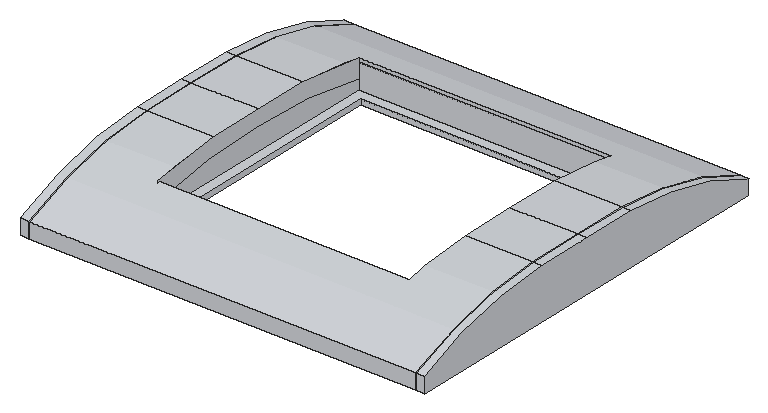
Revit family "Gira_0211766", category Electrical Fixtures, host Face, Revit 2017
Family settings
  Host = Face
  Maintain Annotation Orientation = No
  Round Connector Dimension = Use Diameter
  Part Type = Normal
  Cut with Voids When Loaded = No
  Shared = No
  Room Calculation Point = No
Parameters (values of type "Abdeckrahmen 1f Zwischenr. F Alu Gira Event Klar Braun")
  Werkstoffgüte = "Thermoplast"
  Werkstoff = "Kunststoff"
  URL = "http://katalog.gira.de/de_DE/datenblatt.html?artikelnr=0211766"
  Transparent = "No"
  Textfeld/Beschriftungsfläche = "No"
  Schutzart (IP) = "IP20"
  Region = "DE"
  Oberfläche = "sonstige"
  Name = "Abdeckrahmen 1f Zwischenr. F Alu Gira Event Klar Braun"
  Montagerichtung = "horizontal und vertikal"
  Mit Montagerahmen = "No"
  Mit Klappdeckel = "No"
  Manufacturer URL = "https://www.gira.de/"
  Keynote = "Event_Rahmen_1fach"
  HeinzeBIM = "https://bimportal.heinze.de/bim/abdeckrahmen-1f-zwischenr-f-alu-gira-event-klar-braun/0da127c1c156799cff925c4a880ad3aeac5c7916"
  Halogenfrei = "Yes"
  HAN = "0211766"
  Geeignet für Unterputz-Installation = "Yes"
  Geeignet für Unterflurkanaldose = "No"
  Geeignet für Geräteeinbaukanal = "No"
  Geeignet für Einbauinstallation = "No"
  GTIN = "4010337069393"
  Farbe = "braun"
  Default Elevation = 1219.2 mm
  Data sheet (1) = "https://katalog.gira.de/de_DE/download.html?artikelnr=0211766"
  Category = "Abdeckrahmen"
  Befestigungsart = "Klemmbefestigung"
  Available = "Yes"
  Ausführung der Oberfläche = "glänzend"
  Anzahl der Einheiten vertikal = "1 "
  Anzahl der Einheiten horizontal = "1 "
  Anzahl der Einheiten = "1 "
Reference planes
  plane 1 "Center (Front/Back)": y = 0
  plane 2: z = 0
  plane 3 "Center (Left/Right)": x = 0
Forms (mm)
  Extrusion 1, solid, detail levels fine
    sketch origin (0, 0, 1.55) x (0, 1, 0) y (0, 0, 1)
      loop
        arc (12.445, 9.683) -> (6.223, 9.833) -> (0, 9.85) r 291.636
        arc (0, 9.85) -> (-6.223, 9.833) -> (-12.445, 9.683) r 291.636
        arc (-12.445, 9.683) -> (-29.14, 7.482) -> (-45, 1.823) r 79.728
        line (-45, 1.823) -> (-45, -1.55) -> (-41.777, -1.55) -> (-41.777, -0.55)
        arc (-41.777, -0.55) -> (-21.205, 4.846) -> (0, 6.467) r 118.15
        arc (0, 6.467) -> (21.205, 4.846) -> (41.777, -0.55) r 118.15
        line (41.777, -0.55) -> (41.777, -1.55) -> (45, -1.55) -> (45, 1.823)
        arc (45, 1.823) -> (29.14, 7.482) -> (12.445, 9.683) r 79.728
    from -43 to 43
  Extrusion 2, void, detail levels fine
    sketch origin (0, 0, 0) x (1, 0, 0) y (0, 1, 0)
      loop
        line (-28, -28) -> (28, -28) -> (28, 28) -> (-28, 28) -> (-28, -28)
    from 2.85 to 12
  Extrusion 3, solid, detail levels coarse
    sketch origin (0, 0, 0) x (1, 0, 0) y (0, 1, 0)
      loop
        line (-45, 45) -> (-45, -45) -> (45, -45) -> (45, 45) -> (-45, 45)
    from 0 to 11.4
  Extrusion 4, solid, detail levels medium
    sketch origin (0, 0, 1.55) x (0, 1, 0) y (0, 0, 1)
      loop
        arc (12.445, 9.683) -> (6.223, 9.833) -> (0, 9.85) r 291.636
        arc (0, 9.85) -> (-6.223, 9.833) -> (-12.445, 9.683) r 291.636
        arc (-12.445, 9.683) -> (-29.14, 7.482) -> (-45, 1.823) r 79.728
        line (-45, 1.823) -> (-45, -1.55) -> (45, -1.55) -> (45, 1.823)
        arc (45, 1.823) -> (29.14, 7.482) -> (12.445, 9.683) r 79.728
    from -45 to 45
  Extrusion 5, solid, detail levels fine
    sketch origin (0, 0, 0) x (0, 1, 0) y (0, 0, 1)
      loop
        arc (45, 3.373) -> (29.14, 9.032) -> (12.445, 11.233) r 79.728
        arc (12.445, 11.233) -> (6.223, 11.383) -> (0, 11.4) r 291.636
        arc (0, 11.4) -> (-6.223, 11.383) -> (-12.445, 11.233) r 291.636
        arc (-12.445, 11.233) -> (-29.14, 9.032) -> (-45, 3.373) r 79.728
        line (-45, 3.373) -> (-45, 0) -> (45, 0) -> (45, 3.373)
    from 43 to 45
  Extrusion 6, solid, detail levels fine
    sketch origin (0, 0, 0) x (0, 1, 0) y (0, 0, -1)
      loop
        line (45, -3.373) -> (45, 0) -> (-45, 0) -> (-45, -3.373)
        arc (-45, -3.373) -> (-29.14, -9.032) -> (-12.445, -11.233) r 79.728
        arc (-12.445, -11.233) -> (-6.223, -11.383) -> (0, -11.4) r 291.636
        arc (0, -11.4) -> (6.223, -11.383) -> (12.445, -11.233) r 291.636
        arc (12.445, -11.233) -> (29.14, -9.032) -> (45, -3.373) r 79.728
    from 43 to 45
  Extrusion 7, solid, detail levels fine
    sketch origin (0, 0, 0) x (1, 0, 0) y (0, 1, 0)
      loop
        line (-25.7, 25.7) -> (-25.7, -25.7) -> (25.7, -25.7) -> (25.7, 25.7) -> (-25.7, 25.7)
      loop
        line (-29.495, 27.895) -> (-29.495, -27.895)
        spline (-29.495, -27.895) -> (-29.486, -28.025) -> (-29.461, -28.154) -> (-29.419, -28.278) -> (-29.361, -28.395) -> (-29.288, -28.504) -> (-29.202, -28.602) -> (-29.104, -28.688) -> (-28.995, -28.761) -> (-28.878, -28.819) -> (-28.754, -28.861) -> (-28.625, -28.886) -> (-28.495, -28.895)
        line (-28.495, -28.895) -> (28.495, -28.895)
        spline (28.495, -28.895) -> (28.625, -28.886) -> (28.754, -28.861) -> (28.878, -28.819) -> (28.995, -28.761) -> (29.104, -28.688) -> (29.202, -28.602) -> (29.288, -28.504) -> (29.361, -28.395) -> (29.419, -28.278) -> (29.461, -28.154) -> (29.486, -28.025) -> (29.495, -27.895)
        line (29.495, -27.895) -> (29.495, 27.895)
        spline (29.495, 27.895) -> (29.486, 28.025) -> (29.461, 28.154) -> (29.419, 28.278) -> (29.361, 28.395) -> (29.288, 28.504) -> (29.202, 28.602) -> (29.104, 28.688) -> (28.995, 28.761) -> (28.878, 28.819) -> (28.754, 28.861) -> (28.625, 28.886) -> (28.495, 28.895)
        line (28.495, 28.895) -> (-28.495, 28.895)
        spline (-28.495, 28.895) -> (-28.625, 28.886) -> (-28.754, 28.861) -> (-28.878, 28.819) -> (-28.995, 28.761) -> (-29.104, 28.688) -> (-29.202, 28.602) -> (-29.288, 28.504) -> (-29.361, 28.395) -> (-29.419, 28.278) -> (-29.461, 28.154) -> (-29.486, 28.025) -> (-29.495, 27.895)
    from 1.673 to 8.5
Cuts and joins
  Extrusion 2 cuts Extrusion 1
  Extrusion 2 cuts Extrusion 7
Dimensions and locks
  aligned and locked: plane 2 to host face
  aligned and locked: level to host face
